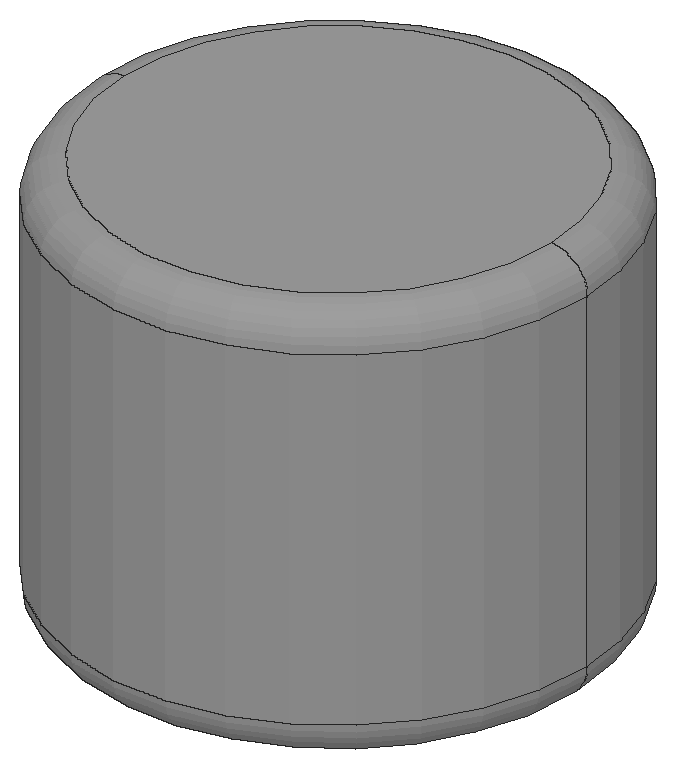
Revit family "Beanies Round Ottoman", category Generic Models, Revit 2018
Family settings
  Can host rebar = No
  Round Connector Dimension = Use Diameter
  Part Type = Normal
  Work Plane-Based = No
  Always vertical = Yes
  Cut with Voids When Loaded = No
  Shared = No
  Room Calculation Point = No
Parameters
  Fabric = Beanies Round Ottoman Fabric
Reference planes (in)
  plane 1 "Center (Front/Back)": y = 0
  plane 2: z = 0
  plane 3 "Center (Left/Right)": x = 0
Forms (in)
  Extrusion 1, solid, material "Beanies Round Ottoman Fabric" <- "Fabric"
    sketch origin (29.53593, 43.90147, 0) x (1, 0, 0) y (0, 1, 0)
      loop
        circle (-29.53593, -43.90147) r 9
    from 0 to 17
  Sweep 2, solid, material "Beanies Round Ottoman Fabric" <- "Fabric"
    path origin (0, 0, 0) x (1, 0, 0) y (0, 1, 0)
      loop
        circle (0, 0) r 9
    profile origin (0, 9, 0) x (0, -1, 0) y (0, 0, 1)
      loop
        line (0, 0) -> (0, 17)
        arc (0, 17) -> (-1.06066, 16.56066) -> (-1.5, 15.5) r 1.5
        line (-1.5, 15.5) -> (-1.5, 1.5)
        arc (-1.5, 1.5) -> (-1.06066, 0.43934) -> (0, 0) r 1.5
Cuts and joins
  joined: Extrusion 1, Sweep 2
Dimensions and locks (in)
  aligned and locked: plane 2 to level
